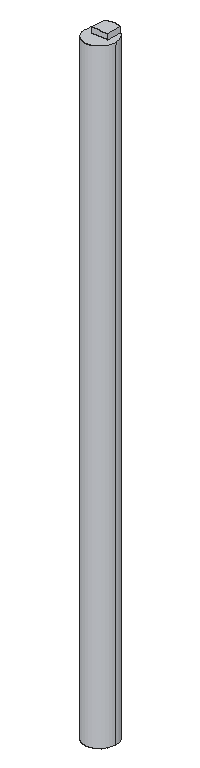
Revit family "三节苗平苗or五节苗平苗", category 常规模型, Revit 2022
Family settings
  可将钢筋附着到主体 = 否
  圆形连接件大小 = 使用直径
  零件类型 = 标准
  基于工作平面 = 否
  总是垂直 = 是
  加载时剪切的空心 = 否
  保持注释方向 = 否
  共享 = 否
  房间计算点 = 否
Parameters
  默认高程 = 0 mm
  榫卯深度 = 100 mm
  r = 300 mm
  L = 12000 mm
  016 = L - 榫卯深度  # 11900 mm
  015 = r  # 300 mm
  014 = r  # 300 mm
  013 = 2 * r  # 600 mm
  012 = r  # 300 mm
  011 = r / 2  # 150 mm
  010 = r / 2  # 150 mm
  009 = 2 * r  # 600 mm
  007 = 2 * r  # 600 mm
  006 = 90.00°
  005 = 90.00°
  004 = 90.00°
  003 = 90.00°
  002 = 90.00°
  001 = 90.00°
  000 = 90.00°
Reference planes
  plane 1 "中心(前/后)": y = 0
  plane 2: z = 0
  plane 3 "中心(左/右)": x = 0
Forms (mm)
  Extrusion 1, solid
    sketch origin (0, 0, 0) x (1, 0, 0) y (0, 1, 0)
      loop
        circle (0, 0) r 300
    from 0 to 12000 <- "L"
  Extrusion 2, void
    sketch origin (0, 0, 0) x (1, 0, 0) y (0, 1, 0)
      loop
        line (-300, -300) -> (300, -300) -> (300, 300) -> (150, 300) -> (150, 0) -> (-150, 0) -> (-150, 300) -> (-300, 300) -> (-300, -300)
    from 0 to 100 <- "榫卯深度"
  Extrusion 3, void
    sketch origin (0, 0, 0) x (1, 0, 0) y (0, 1, 0)
      loop
        line (-300, -300) -> (300, -300) -> (300, 300) -> (150, 300) -> (150, 0) -> (-150, 0) -> (-150, 300) -> (-300, 300) -> (-300, -300)
    from 11900 <- "016" to 12000 <- "L"
Cuts and joins
  Extrusion 2, Extrusion 3 cuts Extrusion 1
Lines and regions (mm)
  reference lines
    curve 1: line (-300, 300, 0) -> (-300, -300, 0)
    curve 2: line (-300, -300, 0) -> (300, -300, 0)
    curve 3: line (300, -300, 0) -> (300, 300, 0)
    curve 4: line (300, 300, 0) -> (150, 300, 0)
    curve 5: line (150, 300, 0) -> (150, 0, 0)
    curve 6: line (150, 0, 0) -> (-150, 0, 0)
    curve 7: line (-150, 0, 0) -> (-150, 300, 0)
    curve 8: line (-150, 300, 0) -> (-300, 300, 0)
Dimensions and locks
  "007": curve 1 to curve 3
  "009": curve 8 to curve 2
  "010": curve 5 to curve 3
  "011": curve 1 to curve 7
  "012": curve 6 to curve 2
  "013": curve 4 to curve 2
  "014": curve 1 to plane 3 "中心(左/右)"
  "015": curve 8 to plane 1 "中心(前/后)"
  "r": radius of Extrusion 1 sketch curve
  "001": angle curve 2 to curve 1
  "000": angle curve 3 to curve 2
  "002": angle curve 1 to curve 8
  "006": angle curve 4 to curve 3
  "003": angle curve 6 to curve 7
  "004": angle curve 5 to curve 6
  "005": angle curve 5 to curve 4
  aligned and locked: level to plane 2
  aligned and locked: Extrusion 2 sketch curve to curve 1
  aligned and locked: Extrusion 2 sketch curve to curve 3
  aligned and locked: Extrusion 2 sketch curve to curve 8
  aligned and locked: Extrusion 2 sketch curve to curve 7
  aligned and locked: Extrusion 2 sketch curve to curve 6
  aligned and locked: Extrusion 2 sketch curve to curve 5
  aligned and locked: Extrusion 2 sketch curve to curve 4
  aligned and locked: Extrusion 2 sketch curve to curve 2
  aligned and locked: Extrusion 3 sketch curve to curve 1
  aligned and locked: Extrusion 3 sketch curve to curve 2
  aligned and locked: Extrusion 3 sketch curve to curve 3
  aligned and locked: Extrusion 3 sketch curve to curve 7
  aligned and locked: Extrusion 3 sketch curve to curve 6
  aligned and locked: Extrusion 3 sketch curve to curve 5
  aligned and locked: Extrusion 3 sketch curve to curve 8
  aligned and locked: Extrusion 3 sketch curve to curve 4
Automatic sketch dimensions
  plane 1 "中心(前/后)" to Extrusion 1 sketch curve = 0 mm
  Extrusion 1 sketch curve to plane 3 "中心(左/右)" = 0 mm
